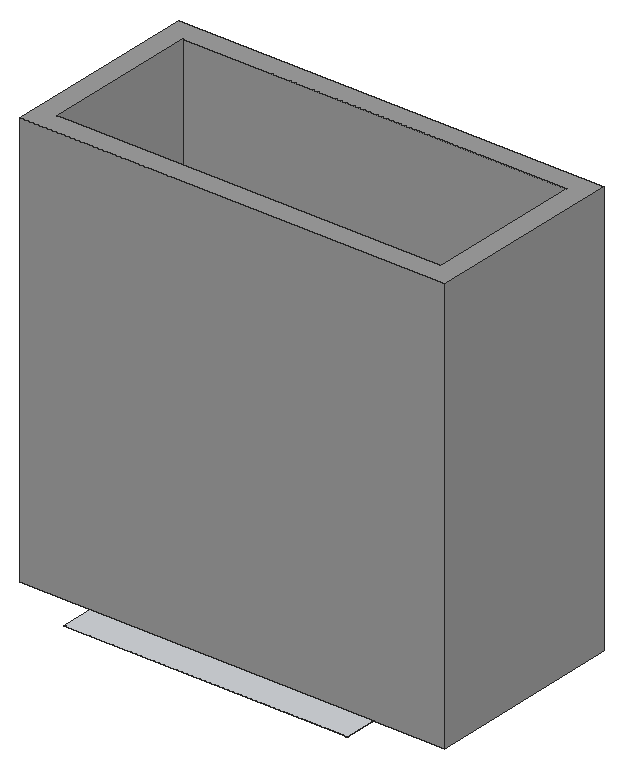
Revit family "WLL_room_template", category Walls, Revit 2024
Family settings
  Work Plane-Based = No
  Always vertical = No
  Cut with Voids When Loaded = No
  Shared = Yes
Parameters
  Type IFC Predefined Type = "PARTITIONING"
  Structural Material = none
  HSL_drofus_room_func_no [instance] = ""
  HSL_WIDTH [instance] = 2367.295 mm
  HSL_ROOM_NUMBER = ""
  HSL_ROOM_NAME_SHORT [instance] = ""
  HSL_ROOM_NAME [instance] = ""
  HSL_HEIGHT [instance] = 2438.4 mm
  HSL_GROSS_FLOOR_AREA [instance] = 0.00 m²
  HSL_DEPTH [instance] = 1044.001 mm
  HSL_DEPARTMENT_2 [instance] = ""
  HSL_DEPARTMENT_1 [instance] = ""
  HSL_DEPARTMENT [instance] = ""
  HSL_CLIENT_REQ_AREA_DIFF_PERC [instance] = if(HSL_GROSS_FLOOR_AREA - HSL_CLIENT_REQ_AREA = 0.00 m², 0, if(HSL_CLIENT_REQ_AREA = 0.00 m², 9999, 100 * (HSL_GROSS_FLOOR_AREA - HSL_CLIENT_REQ_AREA) / HSL_CLIENT_REQ_AREA))  # 0
  HSL_CLIENT_REQ_AREA_DIFF [instance] = HSL_GROSS_FLOOR_AREA - HSL_CLIENT_REQ_AREA  # 0.00 m²
  HSL_CLIENT_REQ_AREA [instance] = 0.00 m²
  Export Type to IFC As = "IfcWallType"
Reference planes
  plane 1: z = 0
  plane 2: z = 2438.4
  plane 3: x = 0
  plane 4: y = 0
Forms (mm)
  Extrusion 1, solid, material <- "Structural Material", detail levels medium+fine
    sketch origin (230.945, 0, 0) x (1, 0, 0) y (0, 1, 0)
      loop
        line (-1474.593, 582) -> (-1474.593, -582) -> (1012.703, -582) -> (1012.703, 582) -> (-1474.593, 582)
      loop
        line (-1354.593, 462) -> (-1354.593, -462) -> (892.703, -462) -> (892.703, 462) -> (-1354.593, 462)
    from 0 to 2438.4 <- "HSL_HEIGHT"
  Extrusion 2, solid, not visible, detail levels coarse
    sketch origin (230.945, 0, 0) x (1, 0, 0) y (0, 1, 0)
      loop
        line (-1474.593, 582) -> (-1474.593, -582) -> (1012.703, -582) -> (1012.703, 582) -> (-1474.593, 582)
      loop
        line (-1354.593, 462) -> (-1354.593, -462) -> (892.703, -462) -> (892.703, 462) -> (-1354.593, 462)
    from 0 to 2438.4 <- "HSL_HEIGHT"
Dimensions and locks
  "HSL_HEIGHT": plane 2 to level
  aligned and locked: nested 2 to plane 3
  aligned and locked: nested 2 to plane 4
  aligned and locked: nested 3 to plane 3
  aligned and locked: nested 3 to plane 4
Automatic sketch dimensions
  Extrusion 1 sketch curve to Extrusion 1 sketch curve = 120 mm  (x4)
  Extrusion 2 sketch curve to Extrusion 2 sketch curve = 120 mm  (x4)
  Extrusion 1 sketch curve to Extrusion 1 sketch curve = 2247.295 mm
  Extrusion 2 sketch curve to Extrusion 2 sketch curve = 2247.295 mm
  Extrusion 1 sketch curve to Extrusion 1 sketch curve = 924.001 mm
  Extrusion 2 sketch curve to Extrusion 2 sketch curve = 924.001 mm
Nested families
  nested 1: "ANN_Planning_nested_tag" at (-1.878, 0, 0), HSL_DEPTH <- "HSL_DEPTH", HSL_WIDTH <- "HSL_WIDTH", HSL_ROOM_NAME_SHORT <- "HSL_ROOM_NAME_SHORT", HSL_drofus_room_func_no <- "HSL_drofus_room_func_no", HSL_CLIENT_REQ_AREA <- "HSL_CLIENT_REQ_AREA", HSL_GROSS_FLOOR_AREA <- "HSL_GROSS_FLOOR_AREA", type "ANN_Planning_nested_tag"
    with HSL_drofus_room_func_no "", HSL_WIDTH 2367.295 mm, HSL_ROOM_NAME_SHORT "", HSL_ID_INSTANCE "", HSL_GROSS_FLOOR_AREA 0.00 m², HSL_DEPTH 1044.001 mm, HSL_CLIENT_REQ_AREA 0.00 m²
  nested 2: "GEN_Inner_Nested_template" at (0, 0, 0), HSL_DEPARTMENT <- "HSL_DEPARTMENT", HSL_DEPARTMENT_1 <- "HSL_DEPARTMENT_1", HSL_DEPARTMENT_2 <- "HSL_DEPARTMENT_2", HSL_ROOM_NUMBER <- "HSL_ROOM_NUMBER", HSL_drofus_room_func_no <- "HSL_drofus_room_func_no", HSL_CLIENT_REQ_AREA_DIFF <- "HSL_CLIENT_REQ_AREA_DIFF", HSL_CLIENT_REQ_AREA_DIFF_PERC <- "HSL_CLIENT_REQ_AREA_DIFF_PERC", HSL_DEPTH <- "HSL_DEPTH", HSL_HEIGHT <- "HSL_HEIGHT", HSL_WIDTH <- "HSL_WIDTH", type "Rectangle_Inner_Nested", detail levels medium+fine
    with HSL_drofus_room_func_no "", HSL_WIDTH 2367.295 mm, HSL_ROOM_NUMBER "", HSL_HEIGHT 2438.4 mm, HSL_DEPTH 1044.001 mm, HSL_DEPARTMENT_2 "", HSL_DEPARTMENT_1 "", HSL_DEPARTMENT "", HSL_CLIENT_REQ_AREA_DIFF_PERC 0, HSL_CLIENT_REQ_AREA_DIFF 0.00 m²
  nested 3: "GEN_Inner_Nested_Coarse_template" at (0, 0, 0), HSL_DEPTH <- "HSL_DEPTH", HSL_HEIGHT <- "HSL_HEIGHT", HSL_WIDTH <- "HSL_WIDTH", HSL_DEPARTMENT <- "HSL_DEPARTMENT", HSL_DEPARTMENT_1 <- "HSL_DEPARTMENT_1", HSL_DEPARTMENT_2 <- "HSL_DEPARTMENT_2", HSL_ROOM_NUMBER <- "HSL_ROOM_NUMBER", HSL_drofus_room_func_no <- "HSL_drofus_room_func_no", HSL_CLIENT_REQ_AREA_DIFF <- "HSL_CLIENT_REQ_AREA_DIFF", HSL_CLIENT_REQ_AREA_DIFF_PERC <- "HSL_CLIENT_REQ_AREA_DIFF_PERC", type "Rectangle_Inner_Nested", detail levels coarse
    with HSL_drofus_room_func_no "", HSL_WIDTH 2367.295 mm, HSL_ROOM_NUMBER "", HSL_HEIGHT 2438.4 mm, HSL_DEPTH 1044.001 mm, HSL_DEPARTMENT_2 "", HSL_DEPARTMENT_1 "", HSL_DEPARTMENT "", HSL_CLIENT_REQ_AREA_DIFF_PERC 0, HSL_CLIENT_REQ_AREA_DIFF 0.00 m²
Definition of nested family "GEN_Inner_Nested_template"
  Parameters (values of type "Rectangle_Inner_Nested")
    Learning Link = ""
    HSL_drofus_room_func_no [instance] = ""
    HSL_WIDTH [instance] = 1880 mm
    HSL_ROOM_NUMBER [instance] = ""
    HSL_HEIGHT [instance] = 1574.089 mm
    HSL_DEPTH [instance] = 1766.032 mm
    HSL_DEPARTMENT_2 [instance] = ""
    HSL_DEPARTMENT_1 [instance] = ""
    HSL_DEPARTMENT [instance] = ""
    HSL_CLIENT_REQ_AREA_DIFF_PERC [instance] = 0
    HSL_CLIENT_REQ_AREA_DIFF [instance] = 0.00 m²
    Default Elevation = 0 mm
  Reference planes
    plane 1 "Center (Front/Back)": y = 0
    plane 2: z = 0
    plane 3 "Center (Left/Right)": x = 0
    plane 4: z = 1574.089
  Forms (mm)
    Extrusion 1, solid, detail levels medium+fine
      sketch origin (0, 0, 0) x (1, 0, 0) y (0, 1, 0)
        loop
          line (-832.073, 775.089) -> (-832.073, -775.089) -> (832.073, -775.089) -> (832.073, 775.089) -> (-832.073, 775.089)
      from 0 to 1
  Lines and regions (mm)
    model lines, detail levels medium+fine
      curve 1: line (0, 0, 0) -> (0, 0, 1574.089)
  Dimensions and locks
    "HSL_HEIGHT": plane 4 to level
    aligned and locked: level to plane 2
    aligned and locked: plane 4 to curve 1
    aligned and locked: level to curve 1
    aligned and locked: plane 3 "Center (Left/Right)" to curve 1
  Automatic sketch dimensions
    plane 3 "Center (Left/Right)" to Extrusion 1 sketch curve = 832.073 mm
    Extrusion 1 sketch curve to plane 3 "Center (Left/Right)" = 832.073 mm
    Extrusion 1 sketch curve to plane 1 "Center (Front/Back)" = 775.089 mm
    plane 1 "Center (Front/Back)" to Extrusion 1 sketch curve = 775.089 mm
Definition of nested family "ANN_Planning_nested_tag"
  Parameters (values of type "ANN_Planning_nested_tag")
    Learning Link = ""
    HSL_drofus_room_func_no [instance] = "00.00.00"
    HSL_WIDTH [instance] = 2000 mm
    HSL_ROOM_NAME_SHORT [instance] = "SAMPLE"
    HSL_ID_INSTANCE [instance] = ""
    HSL_GROSS_FLOOR_AREA [instance] = 60.00 m²
    HSL_DEPTH [instance] = 3000 mm
    HSL_CLIENT_REQ_AREA [instance] = 30.00 m²
    Default Elevation = 0 mm
  Reference planes
    plane 1 "Center (Front/Back)": y = 0
    plane 2: z = 0
    plane 3 "Center (Left/Right)": x = 0
  Dimensions and locks
    aligned and locked: level to plane 2
  Nested families
    nested 1: "SYM_Planning_Annotation" at (-30, -159.812, 0), HSL_GROSS_FLOOR_AREA <- "HSL_GROSS_FLOOR_AREA", HSL_ROOM_NAME_SHORT <- "HSL_ROOM_NAME_SHORT", HSL_drofus_room_func_no <- "HSL_drofus_room_func_no", HSL_DEPTH <- "HSL_DEPTH", HSL_WIDTH <- "HSL_WIDTH", HSL_CLIENT_REQ_AREA <- "HSL_CLIENT_REQ_AREA", type "SYM_Planning_Annotation"
      with HSL_drofus_room_func_no "00.00.00", HSL_WIDTH 2000 mm, HSL_ROOM_NAME_SHORT "SAMPLE", HSL_GROSS_FLOOR_AREA 60.00 m², HSL_DEPTH 3000 mm, HSL_CLIENT_REQ_AREA 30.00 m²
  Definition of nested family "SYM_Planning_Annotation"
    Parameters (values of type "SYM_Planning_Annotation")
      HSL_drofus_room_func_no [instance] = ""
      HSL_WIDTH [instance] = 0 mm
      HSL_ROOM_NAME_SHORT [instance] = ""
      HSL_GROSS_FLOOR_AREA [instance] = 0.00 m²
      HSL_DEPTH [instance] = 0 mm
      HSL_CLIENT_REQ_AREA [instance] = 0.00 m²
    Reference planes
      plane 1: y = 0
      plane 2: x = 0
    Text (mm)
      label "HSL_WIDTH/ HSL_DEPTH\nHSL_drofus_room_func_no\nHSL_ROOM_NAME_SHORT\nHSL_GROSS_FLOOR_AREA /  [HSL_CLIENT_REQ_AREA]" at (1.878, 17.288, 0), shows "HSL_WIDTH", "HSL_DEPTH", "HSL_drofus_room_func_no", "HSL_ROOM_NAME_SHORT", "HSL_GROSS_FLOOR_AREA", "HSL_CLIENT_REQ_AREA"
Definition of nested family "GEN_Inner_Nested_Coarse_template"
  Parameters (values of type "Rectangle_Inner_Nested")
    Learning Link = ""
    HSL_drofus_room_func_no [instance] = ""
    HSL_WIDTH [instance] = 2000 mm
    HSL_ROOM_NUMBER [instance] = ""
    HSL_HEIGHT [instance] = 1574.089 mm
    HSL_DEPTH [instance] = 2000 mm
    HSL_DEPARTMENT_2 [instance] = ""
    HSL_DEPARTMENT_1 [instance] = ""
    HSL_DEPARTMENT [instance] = ""
    HSL_CLIENT_REQ_AREA_DIFF_PERC [instance] = 0
    HSL_CLIENT_REQ_AREA_DIFF [instance] = 0.00 m²
    Default Elevation = 0 mm
  Reference planes
    plane 1 "Center (Front/Back)": y = 0
    plane 2: z = 0
    plane 3 "Center (Left/Right)": x = 0
    plane 4: z = 1574.089
  Forms (mm)
    Extrusion 1, solid, detail levels coarse
      sketch origin (0, 0, 0) x (1, 0, 0) y (0, 1, 0)
        loop
          arc (-700, 900) -> (-841.421, 841.421) -> (-900, 700) r 200
          line (-900, 700) -> (-900, -700)
          arc (-900, -700) -> (-841.421, -841.421) -> (-700, -900) r 200
          line (-700, -900) -> (700, -900)
          arc (700, -900) -> (841.421, -841.421) -> (900, -700) r 200
          line (900, -700) -> (900, 700)
          arc (900, 700) -> (841.421, 841.421) -> (700, 900) r 200
          line (700, 900) -> (-700, 900)
      from 0 to 1
  Lines and regions (mm)
    model lines, detail levels coarse
      curve 1: line (0, 0, 0) -> (0, 0, 1574.089)
    symbolic lines, detail levels coarse
      curve 2: line (700, 900, 0) -> (-700, 900, 0)
      curve 3: line (900, -700, 0) -> (900, 700, 0)
      curve 4: line (-700, -900, 0) -> (700, -900, 0)
      curve 5: line (-900, 700, 0) -> (-900, -700, 0)
      curve 6: arc (700, 900, 0) -> (841.421, 841.421, 0) -> (900, 700, 0) r 200
      curve 7: arc (-700, 900, 0) -> (-841.421, 841.421, 0) -> (-900, 700, 0) r 200
      curve 8: arc (700, -900, 0) -> (841.421, -841.421, 0) -> (900, -700, 0) r 200
  Dimensions and locks
    "HSL_HEIGHT": plane 4 to level
    aligned and locked: level to plane 2
    aligned and locked: plane 4 to curve 1
    aligned and locked: level to curve 1
    aligned and locked: plane 3 "Center (Left/Right)" to curve 1
  Automatic sketch dimensions
    curve 5 to curve 7 = 200 mm
    curve 6 to curve 6 = 200 mm
    Extrusion 1 sketch curve to Extrusion 1 sketch curve = 200 mm  (x3)
    curve 8 to curve 8 = 200 mm
    plane 3 "Center (Left/Right)" to curve 6 = 700 mm
    plane 3 "Center (Left/Right)" to Extrusion 1 sketch curve = 700 mm
    curve 2 to plane 3 "Center (Left/Right)" = 700 mm
    plane 1 "Center (Front/Back)" to curve 4 = 900 mm
    curve 6 to plane 1 "Center (Front/Back)" = 700 mm
    curve 5 to curve 4 = 200 mm
    curve 4 to curve 5 = 200 mm
    Extrusion 1 sketch curve to plane 3 "Center (Left/Right)" = 700 mm  (x2)
    plane 1 "Center (Front/Back)" to Extrusion 1 sketch curve = 900 mm
    Extrusion 1 sketch curve to plane 1 "Center (Front/Back)" = 700 mm
